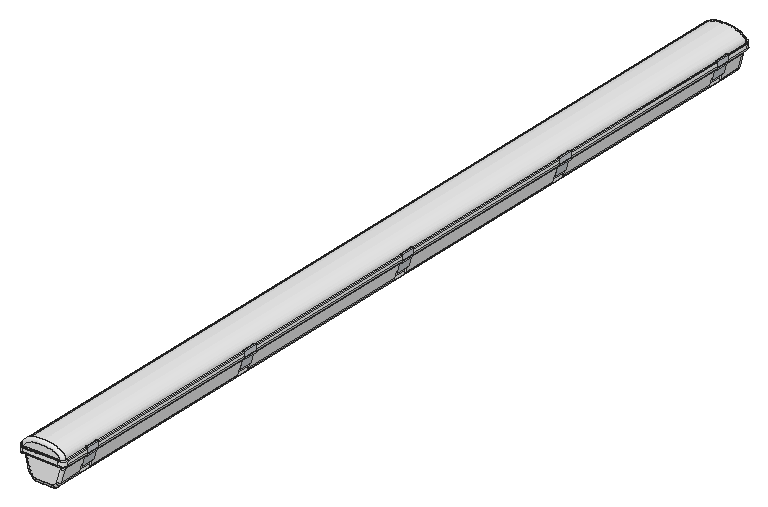
Revit family "0067957 Sylvania Lighting Fixture START Waterproof Single 1500 IP65 MW 4000lm 840", category Lighting Fixtures, host Face, Revit 2016
Family settings
  Host = Face
  Part Type = Normal
  Round Connector Dimension = Use Diameter
  OmniClass Number = 23.80.70.11.14
  OmniClass Title = General Luminaries, Directional
  Cut with Voids When Loaded = No
  Light Source = Yes
  Shared = No
  Room Calculation Point = No
Parameters (values of type "0067957 ST WTRPRF S 1500 IP65 MW 4000LM 840")
  Width = 84 mm
  Weight = "kg"
  Wattage Comments = "n/a"
  Wattage = 36 W
  WarrantyStartDate [instance] = "n/a"
  WarrantyGuarantorParts = "n/a"
  WarrantyDurationUnit = "n/a"
  WarrantyDurationParts = "n/a"
  WarrantyDescription = "n/a"
  built-in parameter 1150110 = 1 (stored number, unit not read)
  Voltage = 0 V
  URL = "http://www.sylvania-lighting.com"
  TypeName = "START Waterproof Single 1500 IP65 MW 4000lm 840"
  Type Image = <None>
  Type Comments = "n/a"
  built-in parameter 1114217 = 1 (stored number, unit not read)
  Tilt Angle = -90.00°
  built-in parameter 1150109 = 1 (stored number, unit not read)
  built-in parameter 1150134 = 12
  built-in parameter 1150113 = 1 (stored number, unit not read)
  SerialNumber [instance] = "n/a"
  ReflectorMaterial = none
  PowerFactor = 0
  PowerConsumption = "36 W"
  Photometric Web File = "0067957.ies"
  NominalWidth = 0 mm
  NominalLength = 1578 mm
  NominalHeight = 75 mm
  Name = "START Waterproof Single 1500 IP65 MW 4000lm 840"
  ModelReference = "START Waterproof Single 1500 IP65 MW 4000lm 840"
  ModelNumber = "0067957"
  Model = "START Waterproof Single 1500 IP65 MW 4000lm 840"
  Material = "polycarbonate housing, polycarbonate diffuser"
  ManufacturerName = "Feilo Sylvania"
  Manufacturer = "Feilo Sylvania"
  LuminousEfficacy = "36 lm/W"
  built-in parameter 1150105 = 103.13 (stored number, unit not read)
  Lumens = 1296 lm
  LuminaireType = ""
  built-in parameter 1150115 = 1 (stored number, unit not read)
  LightOutputRatio = "n/a"
  built-in parameter 1150137 = (empty or 0)
  built-in parameter 1150139 = (empty or 0)
  Length = 1572 mm
  LampsType = Lamp  # "LED"
  LampNominalLuminous = "3950 lm"
  LampMacAdamStep = "n/a"
  LampColourTemperature = "4000 K"
  LampColourRenderingIndex = "80"
  built-in parameter 1150112 = 1 (stored number, unit not read)
  built-in parameter 1150114 = 1 (stored number, unit not read)
  Lamp = "LED"
  Keynote = "16500"
  InstallationDate [instance] = "n/a"
  InputVoltage = "n/a"
  InputNominalFrequency = "n/a"
  built-in parameter 1150132 = (empty or 0)
  built-in parameter 1150102 = (empty or 0)
  built-in parameter 1150107 = 4000 (stored number, unit not read)
  built-in parameter 1150138 = (empty or 0)
  IngressProtection = "IP65"
  ImpactProtectionIndex = "IK08"
  built-in parameter 1150106 = 1.0313 (stored number, unit not read)
  IfcExportType = "IfcLightFixtureType"
  IfcExportAs = "IfcLightFixtureType"
  ExpectedLife = 50000
  Emit from Rectangle Width = Width - 20 mm  # 64 mm
  Emit from Rectangle Length = Length - 20 mm  # 1552 mm
  Emit Shape Visible in Rendering = no
  ElectricShockClassification = "Class I"
  built-in parameter 1150104 = 3.3445 (stored number, unit not read)
  DurationUnit = "hours"
  DocumentationLiterature = "http://www.sylvania-lighting.com/product/en-int/products/0067957"
  DimmingControlOptions = "n/a"
  Dimming Lamp Color Temperature Shift = <None>
  DiffuserMaterial = Diffuser-Sylvania-Transparent
  Description = ""
  Default Elevation = 1219.2 mm
  CreatedOn = "11/27/2018"
  CreatedBy = "@sylvania-lighting.com"
  Cost = 0
  Color Filter = 16777215
  built-in parameter 1114216 [instance] = (empty or 0)
  ClassificationValue = "EF_70_80"
  ClassificationName = "Uniclass2015"
  BodyMaterial = Body-Sylvania-Gray
  BarCode [instance] = "n/a"
  built-in parameter 1114218 = 1 (stored number, unit not read)
  built-in parameter 1150133 = 10 (stored number, unit not read)
  AssetType = "Fixed"
  AssetIdentifier [instance] = "n/a"
  Assembly Code = "D5020200"
  Apparent Load = 36 VA
  AccessoryMaterial = Diffuser-Sylvania-Glow
Reference planes
  plane 1 "Center (Front/Back)": y = 0
  plane 2: z = 0
  plane 3 "Center (Left/Right)": x = 0
  plane 4: z = 54
  plane 5: x = -14.7
  plane 6: x = -21.8
  plane 7: x = -26.6
  plane 8: x = -29.2
  plane 9: z = 3
  plane 10: z = 7.8
  plane 11: z = 12.3
  plane 12: z = 36.6
  plane 13: z = 42.8
  plane 14: x = -38.1
  plane 15: z = 46.2
  plane 16: x = -42
  plane 17: y = 786
  plane 18: y = -786
  plane 19: x = 14.7
  plane 20: x = 21.8
  plane 21: x = 26.6
  plane 22: x = 29.2
  plane 23: x = 38.1
  plane 24: x = 42
  plane 25: y = 778.4
  plane 26: y = -778.4
  plane 27: y = -774.7
  plane 28: y = 774.7
  plane 29: z = 74
  plane 30: x = -38.5
  plane 31: x = 38.5
  plane 32: z = 55.2
  plane 33: y = -782.5
  plane 34: y = 782.5
  plane 35: x = -24.5
  plane 36: x = 24.5
  plane 37: x = -35.7
  plane 38: x = 35.7
  plane 39: z = 50.2
  plane 40: z = 24.6
  plane 41: y = -720
  plane 42: y = -734
  plane 43: y = -706
  plane 44: y = 720
  plane 45: y = -720
  plane 46: y = -734
  plane 47: y = -706
  plane 48: y = 720
  plane 49: y = 706
  plane 50: y = 734
  plane 51: y = -360
  plane 52: y = -374
  plane 53: y = -346
  plane 54: y = 0
  plane 55: y = -14
  plane 56: y = 14
  plane 57: y = 360
  plane 58: y = 346
  plane 59: y = 374
Forms (mm)
  Sweep 1, solid, material "Body-Sylvania-Gray" <- "BodyMaterial", detail levels medium+fine
    path origin (1223.4, -4572, 54) x (0, -1, 0) y (1, 0, 0)
      loop
        arc (-3796, -1265.4) -> (-3788.929, -1262.471) -> (-3786, -1255.4) r 10
        line (-3786, -1255.4) -> (-3786, -1191.4)
        arc (-3786, -1191.4) -> (-3788.929, -1184.329) -> (-3796, -1181.4) r 10
        line (-3796, -1181.4) -> (-5348, -1181.4)
        arc (-5348, -1181.4) -> (-5355.071, -1184.329) -> (-5358, -1191.4) r 10
        line (-5358, -1191.4) -> (-5358, -1255.4)
        arc (-5358, -1255.4) -> (-5355.071, -1262.471) -> (-5348, -1265.4) r 10
        line (-5348, -1265.4) -> (-3796, -1265.4)
    profile origin (-42, 0, 54) x (-1, 0, 0) y (0, 0, 1)
      loop
        line (0, 0) -> (-1, 0) -> (-1, -7.726)
        arc (-1, -7.726) -> (-1.994, -9.498) -> (-3.9, -10.2) r 2.937
        line (-3.9, -10.2) -> (-8.571, -10.2) -> (-8.571, -11.2) -> (-3.9, -11.2)
        arc (-3.9, -11.2) -> (-1.313, -10.231) -> (0, -7.8) r 3.937
        line (0, -7.8) -> (0, 0)
  Sweep 2, solid, material "Body-Sylvania-Gray" <- "BodyMaterial", detail levels medium+fine
    path origin (0, 0, 0) x (1, 0, 0) y (0, 0, 1)
      loop
        line (35.7, 42.8) -> (35.7, 36.6) -> (29.203, 12.31)
        arc (29.203, 12.31) -> (28.199, 9.884) -> (26.6, 7.8) r 10.052
        line (26.6, 7.8) -> (21.8, 3)
        arc (21.8, 3) -> (18.554, 0.781) -> (14.7, 0) r 9.902
        line (14.7, 0) -> (0, 0) -> (-14.7, 0)
        arc (-14.7, 0) -> (-18.554, 0.781) -> (-21.8, 3) r 9.902
        line (-21.8, 3) -> (-26.6, 7.8)
        arc (-26.6, 7.8) -> (-28.199, 9.884) -> (-29.203, 12.31) r 10.052
        line (-29.203, 12.31) -> (-35.7, 36.6) -> (-35.7, 42.8)
    profile origin (0, 0, 0) x (0, 0, -1) y (0, -1, 0)
      loop
        arc (0, 773.4) -> (-1.464, 776.936) -> (-5, 778.4) r 5
        line (-5, 778.4) -> (-7.8, 778.4) -> (-7.8, -778.4) -> (-5, -778.4)
        arc (-5, -778.4) -> (-1.464, -776.936) -> (0, -773.4) r 5
        line (0, -773.4) -> (0, 773.4)
  Extrusion 3, solid, material "Body-Sylvania-Gray" <- "BodyMaterial", detail levels medium+fine
    sketch origin (1524, 778.4, 1219.2) x (1, 0, 0) y (0, 0, 1)
      loop
        arc (-1545.668, -1204.874) -> (-1545.443, -1205.418) -> (-1545.085, -1205.885) r 2.252
        line (-1545.085, -1205.885) -> (-1540.231, -1210.738)
        arc (-1540.231, -1210.738) -> (-1539.534, -1211.227) -> (-1538.7, -1211.4) r 2.102
        line (-1538.7, -1211.4) -> (-1509.3, -1211.4)
        arc (-1509.3, -1211.4) -> (-1508.466, -1211.227) -> (-1507.769, -1210.738) r 2.102
        line (-1507.769, -1210.738) -> (-1502.915, -1205.885)
        arc (-1502.915, -1205.885) -> (-1502.557, -1205.418) -> (-1502.332, -1204.874) r 2.252
        line (-1502.332, -1204.874) -> (-1496.1, -1181.575) -> (-1496.1, -1176.4) -> (-1551.9, -1176.4) -> (-1551.9, -1181.575) -> (-1545.668, -1204.874)
    from 0 to 1556.8
  Sweep 4, solid, material "Diffuser-Sylvania-Transparent" <- "DiffuserMaterial", detail levels medium+fine
    path origin (0, 0, 0) x (1, 0, 0) y (0, 0, 1)
      loop
        spline (-38.5, 55.2) -> (-37.188, 60.066) -> (-33.342, 64.6) -> (-27.224, 68.494) -> (-19.25, 71.481) -> (-9.965, 73.359) -> (0, 74) -> (9.965, 73.359) -> (19.25, 71.481) -> (27.224, 68.494) -> (33.342, 64.6) -> (37.188, 60.066) -> (38.5, 55.2)
    profile origin (38.5, 0, 55.2) x (0, -1, 0) y (1, 0, 0)
      loop
        arc (782.5, -5.5) -> (780.889, -1.611) -> (777, 0) r 5.5
        line (777, 0) -> (-777, 0)
        arc (-777, 0) -> (-780.889, -1.611) -> (-782.5, -5.5) r 5.5
        line (-782.5, -5.5) -> (-782.5, -6.3) -> (-781.5, -6.3) -> (-781.5, -5.5)
        arc (-781.5, -5.5) -> (-780.182, -2.318) -> (-777, -1) r 4.5
        line (-777, -1) -> (777, -1)
        arc (777, -1) -> (780.182, -2.318) -> (781.5, -5.5) r 4.5
        line (781.5, -5.5) -> (781.5, -6.347) -> (782.5, -6.347) -> (782.5, -5.5)
  Extrusion 5, solid, material "Diffuser-Sylvania-Transparent" <- "DiffuserMaterial", detail levels medium+fine
    sketch origin (1524, -782.5, 1219.2) x (1, 0, 0) y (0, 0, 1)
      loop
        line (-1556.653, -1164) -> (-1491.347, -1164)
        spline (-1491.347, -1164) -> (-1491.939, -1161.945) -> (-1494.434, -1159.066) -> (-1499.342, -1155.96) -> (-1506.338, -1153.35) -> (-1514.799, -1151.648) -> (-1524, -1151.047) -> (-1533.201, -1151.648) -> (-1541.662, -1153.35) -> (-1548.658, -1155.96) -> (-1553.566, -1159.066) -> (-1556.061, -1161.945) -> (-1556.653, -1164)
    from 0 to -1
  Extrusion 6, solid, material "Diffuser-Sylvania-Transparent" <- "DiffuserMaterial", detail levels medium+fine
    sketch origin (1524, 782.5, 1219.2) x (1, 0, 0) y (0, 0, 1)
      loop
        spline (-1491.3, -1164) -> (-1491.898, -1161.922) -> (-1494.404, -1159.03) -> (-1499.322, -1155.918) -> (-1506.325, -1153.305) -> (-1514.793, -1151.602) -> (-1524, -1151) -> (-1533.207, -1151.602) -> (-1541.675, -1153.305) -> (-1548.678, -1155.918) -> (-1553.596, -1159.03) -> (-1556.102, -1161.922) -> (-1556.7, -1164)
        line (-1556.7, -1164) -> (-1491.3, -1164)
    from 0 to 1
  Extrusion 7, solid, material "Diffuser-Sylvania-Glow" <- "AccessoryMaterial", detail levels fine
    sketch origin (0, 0, 0) x (1, 0, 0) y (0, 0, 1)
      loop
        circle (0, 50.2) r 8
    from -774.7 to 774.7
  Extrusion 8, void
    sketch origin (0, -720, 2343.807) x (0, 0, -1) y (-1, 0, 0)
      loop
        line (2340.807, -24.5) -> (2331.507, -24.5) -> (2319.207, -29.2) -> (2319.207, -35.7) -> (2340.807, -35.7) -> (2340.807, -24.5)
      loop
        line (2340.807, 24.5) -> (2340.807, 35.7) -> (2319.207, 35.7) -> (2319.207, 29.2) -> (2331.507, 24.5) -> (2340.807, 24.5)
    from 14 to -14
  Extrusion 9, void, not visible
    sketch origin (0, -720, 2343.807) x (0, 0, -1) y (-1, 0, 0)
      loop
        line (2340.807, -24.5) -> (2331.507, -24.5) -> (2319.207, -29.2) -> (2319.207, -35.7) -> (2340.807, -35.7) -> (2340.807, -24.5)
      loop
        line (2340.807, 24.5) -> (2340.807, 35.7) -> (2319.207, 35.7) -> (2319.207, 29.2) -> (2331.507, 24.5) -> (2340.807, 24.5)
    from 14 to -14
  Extrusion 10, void
    sketch origin (0, 720, 2343.807) x (0, 0, -1) y (-1, 0, 0)
      loop
        line (2340.807, -24.5) -> (2331.507, -24.5) -> (2319.207, -29.2) -> (2319.207, -35.7) -> (2340.807, -35.7) -> (2340.807, -24.5)
      loop
        line (2340.807, 24.5) -> (2340.807, 35.7) -> (2319.207, 35.7) -> (2319.207, 29.2) -> (2331.507, 24.5) -> (2340.807, 24.5)
    from 14 to -14
  Extrusion 11, void
    sketch origin (0, -360, 2343.807) x (0, 0, -1) y (-1, 0, 0)
      loop
        line (2340.807, -24.5) -> (2331.507, -24.5) -> (2319.207, -29.2) -> (2319.207, -35.7) -> (2340.807, -35.7) -> (2340.807, -24.5)
      loop
        line (2340.807, 24.5) -> (2340.807, 35.7) -> (2319.207, 35.7) -> (2319.207, 29.2) -> (2331.507, 24.5) -> (2340.807, 24.5)
    from 14 to -14
  Extrusion 12, void
    sketch origin (0, 0, 2343.807) x (0, 0, -1) y (-1, 0, 0)
      loop
        line (2340.807, -24.5) -> (2331.507, -24.5) -> (2319.207, -29.2) -> (2319.207, -35.7) -> (2340.807, -35.7) -> (2340.807, -24.5)
      loop
        line (2340.807, 24.5) -> (2340.807, 35.7) -> (2319.207, 35.7) -> (2319.207, 29.2) -> (2331.507, 24.5) -> (2340.807, 24.5)
    from 14 to -14
  Extrusion 13, void
    sketch origin (0, 360, 2343.807) x (0, 0, -1) y (-1, 0, 0)
      loop
        line (2340.807, -24.5) -> (2331.507, -24.5) -> (2319.207, -29.2) -> (2319.207, -35.7) -> (2340.807, -35.7) -> (2340.807, -24.5)
      loop
        line (2340.807, 24.5) -> (2340.807, 35.7) -> (2319.207, 35.7) -> (2319.207, 29.2) -> (2331.507, 24.5) -> (2340.807, 24.5)
    from 14 to -14
  Extrusion 14, solid, material "Diffuser-Sylvania-Transparent" <- "DiffuserMaterial", detail levels medium+fine
    sketch origin (1223.4, -4572, 54) x (0, -1, 0) y (-1, 0, 0)
      loop
        arc (-5348, 1265.4) -> (-5355.071, 1262.471) -> (-5358, 1255.4) r 10
        line (-5358, 1255.4) -> (-5358, 1191.4)
        arc (-5358, 1191.4) -> (-5355.071, 1184.329) -> (-5348, 1181.4) r 10
        line (-5348, 1181.4) -> (-3796, 1181.4)
        arc (-3796, 1181.4) -> (-3788.929, 1184.329) -> (-3786, 1191.4) r 10
        line (-3786, 1191.4) -> (-3786, 1255.4)
        arc (-3786, 1255.4) -> (-3788.929, 1262.471) -> (-3796, 1265.4) r 10
        line (-3796, 1265.4) -> (-5348, 1265.4)
      loop
        arc (-5354.5, 1190.394) -> (-5352.887, 1186.509) -> (-5349, 1184.9) r 5.5
        line (-5349, 1184.9) -> (-3795, 1184.9)
        arc (-3795, 1184.9) -> (-3791.113, 1186.509) -> (-3789.5, 1190.394) r 5.5
        line (-3789.5, 1190.394) -> (-3789.5, 1256.406)
        arc (-3789.5, 1256.406) -> (-3791.113, 1260.291) -> (-3795, 1261.9) r 5.5
        line (-3795, 1261.9) -> (-5349, 1261.9)
        arc (-5349, 1261.9) -> (-5352.887, 1260.291) -> (-5354.5, 1256.406) r 5.5
        line (-5354.5, 1256.406) -> (-5354.5, 1190.394)
    from 0 to -1.2
  Extrusion 15, solid, material "Body-Sylvania-Gray" <- "BodyMaterial", detail levels coarse
    sketch origin (0, 0, 0) x (1, 0, 0) y (0, 0, 1)
      loop
        line (-42, 55.2) -> (-42, 42.8) -> (-26.6, 0) -> (26.6, 0) -> (42, 42.8) -> (42, 55.2) -> (-42, 55.2)
    from -786 to 786
  Extrusion 16, solid, material "Diffuser-Sylvania-Transparent" <- "DiffuserMaterial", detail levels coarse
    sketch origin (0, 0, 0) x (1, 0, 0) y (0, 0, 1)
      loop
        line (-38.5, 55.2) -> (38.5, 55.2)
        arc (38.5, 55.2) -> (0, 74) -> (-38.5, 55.2) r 48.822
    from -778.4 to 778.4
Cuts and joins
  Extrusion 8, Extrusion 10, Extrusion 11, Extrusion 12, Extrusion 13 cuts Sweep 2
  Extrusion 8, Extrusion 10, Extrusion 11, Extrusion 12, Extrusion 13 cuts Extrusion 3
  joined: Sweep 2, Extrusion 3
  joined: Sweep 4, Extrusion 5, Extrusion 6, Extrusion 14
Dimensions and locks
  locked: plane 4 to plane 2 at 54
  plane 5 to plane 6 to plane 7 to plane 8 to plane 14 to plane 16 = 7.1 mm locked, 4.8 mm locked, 2.6 mm locked, 8.9 mm locked, 3.9 mm locked
  plane 4 to plane 15 to plane 13 to plane 12 to plane 11 to plane 10 to plane 9 = 7.8 mm locked, 3.4 mm, 6.2 mm locked, 24.3 mm locked, 4.5 mm locked, 4.8 mm locked
  equal spacing: plane 18, plane 1 "Center (Front/Back)", plane 17
  "Length": plane 18 to plane 17
  plane 19 to plane 20 to plane 21 to plane 22 to plane 23 to plane 24 = 7.1 mm locked, 4.8 mm locked, 2.6 mm locked, 8.9 mm, 3.9 mm
  equal spacing: plane 24, plane 3 "Center (Left/Right)", plane 16
  "Width": plane 24 to plane 16
  equal spacing: plane 27, plane 1 "Center (Front/Back)", plane 28
  locked: plane 26 to plane 27 at 3.7
  locked: Sweep 1 sketch curve to profile plane at 1
  locked: Sweep 1 sketch curve to plane 13 at 1
  locked: Sweep 1 sketch curve to plane 13 at 3.937  (x2)
  locked: Sweep 1 sketch curve to profile plane at 3.9  (x2)
  plane 29 to plane 4 = 20 mm
  equal spacing: plane 31, plane 3 "Center (Left/Right)", plane 30
  locked: plane 30 to plane 16 at 3.5
  locked: plane 32 to plane 4 at 1.2
  equal spacing: plane 33, plane 1 "Center (Front/Back)", plane 34
  equal spacing: plane 36, plane 3 "Center (Left/Right)", plane 35
  locked: plane 34 to plane 17 at 3.5
  equal spacing: plane 38, plane 3 "Center (Left/Right)", plane 37
  locked: plane 37 to plane 16 at 6.3
  equal spacing: plane 25, plane 1 "Center (Front/Back)", plane 26
  locked: plane 17 to plane 25 at 7.6
  locked: Sweep 2 sketch curve to plane 2 at 5  (x2)
  locked: Sweep 2 sketch curve to plane 26 at 5
  locked: plane 25 to Sweep 2 sketch curve at 5
  locked: Sweep 4 sketch curve to plane 31 at 5.5  (x2)
  locked: Sweep 4 sketch curve to plane 34 at 5.5
  plane 33 to Sweep 4 sketch curve = 5.5 mm
  locked: plane 34 to Sweep 4 sketch curve at 1
  locked: Sweep 4 sketch curve to plane 31 at 1
  locked: Sweep 4 sketch curve to Sweep 4 sketch curve at 1
  locked: Sweep 4 sketch curve to plane 31 at 6.347
  locked: Sweep 4 sketch curve to plane 31 at 6.3
  locked: plane 40 to plane 2 at 24.6
  locked: plane 6 to plane 35 at 2.7
  locked: plane 1 "Center (Front/Back)" to plane 41 at 720
  plane 43 to plane 41 to plane 42 = 14 mm locked, 14 mm locked
  locked: plane 44 to plane 1 "Center (Front/Back)" at 720
  plane 47 to plane 45 to plane 46 = 14 mm locked, 14 mm locked
  plane 50 to plane 48 to plane 49 = 14 mm locked, 14 mm locked  (x2)
  equal spacing: group 1, group 6, group 7, group 8, group 5  (x3)
  plane 53 to plane 51 to plane 52 = 14 mm locked, 14 mm locked  (x2)
  plane 56 to plane 54 to plane 55 = 14 mm locked, 14 mm locked  (x2)
  plane 59 to plane 57 to plane 58 = 14 mm locked, 14 mm locked  (x2)
  plane 48 to plane 57 to plane 1 "Center (Front/Back)" to plane 51 to plane 41 = 360 mm locked, 360 mm locked, 360 mm locked, 360 mm locked
  aligned and locked: plane 2 to host face
  aligned and locked: level to host face
  aligned and locked: plane 16 to Sweep 1 sketch curve
  aligned and locked: Sweep 1 sketch curve to plane 24
  aligned and locked: plane 18 to Sweep 1 sketch curve
  aligned and locked: Sweep 1 sketch curve to plane 13
  aligned and locked: profile plane to Sweep 1 sketch curve
  aligned and locked: plane 3 "Center (Left/Right)" to Sweep 2 sketch curve
  aligned and locked: plane 9 to Sweep 2 sketch curve
  aligned and locked: plane 10 to Sweep 2 sketch curve
  aligned and locked: plane 37 to Sweep 2 sketch curve
  aligned and locked: plane 12 to Sweep 2 sketch curve
  aligned and locked: Sweep 2 sketch curve to level
  aligned and locked: plane 21 to Sweep 2 sketch curve
  aligned and locked: plane 38 to Sweep 2 sketch curve
  aligned and locked: profile plane to Sweep 2 sketch curve
  aligned and locked: plane 25 to Sweep 2 sketch curve
  aligned and locked: Sweep 2 sketch curve to plane 10
  aligned and locked: Extrusion 3 sketch curve to Sweep 2  (x7)
  aligned and locked: Sweep 2 to Extrusion 3 sketch curve
  aligned and locked: Extrusion 3 to plane 25
  aligned and locked: plane 26 to Extrusion 3
  aligned and locked: plane 32 to Sweep 4 sketch curve
  aligned and locked: plane 33 to Sweep 4 sketch curve
  aligned and locked: Sweep 4 to Extrusion 5
  aligned and locked: plane 33 to Extrusion 5
  aligned and locked: plane 39 to Extrusion 7 sketch curve
  aligned and locked: plane 27 to Extrusion 7
  aligned and locked: Extrusion 7 to plane 28
  aligned and locked: Extrusion 6 sketch curve to Sweep 4
  aligned and locked: Extrusion 5 sketch curve to Sweep 4
  aligned and locked: Extrusion 8 to plane 43
  aligned and locked: plane 42 to Extrusion 8
  aligned and locked: Extrusion 10 to plane 50
  aligned and locked: plane 49 to Extrusion 10
  aligned and locked: Extrusion 11 to plane 53
  aligned and locked: plane 52 to Extrusion 11
  aligned and locked: Extrusion 12 to plane 56
  aligned and locked: plane 55 to Extrusion 12
  aligned and locked: Extrusion 13 to plane 59
  aligned and locked: plane 58 to Extrusion 13
  aligned and locked: plane 3 "Center (Left/Right)" to Extrusion 7 sketch curve
  aligned and locked: Extrusion 14 sketch curve to Sweep 1  (x4)
  aligned and locked: Extrusion 14 to plane 32
  aligned and locked: plane 4 to Extrusion 14
  aligned and locked: plane 48 to nested 1
  aligned and locked: plane 57 to nested 2
  aligned and locked: plane 54 to nested 3
  aligned and locked: nested 4 to plane 51
  aligned and locked: nested 5 to plane 41
  aligned and locked: plane 41 to nested 10
  aligned and locked: plane 51 to nested 9
  aligned and locked: plane 54 to nested 8
  aligned and locked: plane 57 to nested 7
  aligned and locked: plane 48 to nested 6
  aligned and locked: plane 1 "Center (Front/Back)" to imposter light
  aligned and locked: plane 3 "Center (Left/Right)" to imposter light
  aligned and locked: imposter light to plane 29
  aligned and locked: plane 7 to Extrusion 15 sketch curve
  aligned and locked: plane 2 to Extrusion 15 sketch curve
  aligned and locked: Extrusion 15 sketch curve to nested 6
  aligned and locked: Extrusion 15 sketch curve to nested 1
  aligned and locked: plane 18 to Extrusion 15
  aligned and locked: Extrusion 15 to plane 17
  aligned and locked: Extrusion 15 to Sweep 1  (x2)
  aligned and locked: plane 30 to Extrusion 16 sketch curve
  aligned and locked: plane 31 to Extrusion 16 sketch curve
  aligned and locked: Extrusion 16 sketch curve to cut or joined group of Sweep 4, Extrusion 5, Extrusion 6, Extrusion 14
  aligned and locked: Extrusion 16 to plane 25
  aligned and locked: plane 26 to Extrusion 16
Automatic sketch dimensions
  host sketch curve to host sketch curve = 2438.4 mm  (x2)
  plane 17 to Sweep 1 sketch curve = 0 mm
  Sweep 1 sketch curve to plane 28 = 1.3 mm
  Sweep 1 sketch curve to plane 7 = 5.4 mm
  plane 27 to Sweep 1 sketch curve = 1.3 mm  (x2)
  Sweep 1 sketch curve to Sweep 1 sketch curve = 4.671 mm
  Sweep 1 sketch curve to plane 4 = 0 mm
  Sweep 2 sketch curve to plane 7 = 0 mm
  Sweep 2 sketch curve to plane 6 = 0 mm
  Sweep 2 sketch curve to plane 5 = 0 mm
  plane 19 to Sweep 2 sketch curve = 0 mm
  Sweep 2 sketch curve to plane 9 = 0 mm
  plane 20 to Sweep 2 sketch curve = 0 mm
  Sweep 2 sketch curve to plane 12 = 0 mm
  Sweep 2 sketch curve to plane 10 = 0 mm
  Sweep 2 sketch curve to plane 13 = 0 mm  (x2)
  Sweep 2 sketch curve to plane 8 = 0.003 mm
  plane 6 to Sweep 2 sketch curve = 2.308 mm
  plane 20 to Sweep 2 sketch curve = 2.308 mm
  Sweep 2 sketch curve to plane 22 = 0.003 mm
  Sweep 2 sketch curve to plane 11 = 0.01 mm  (x2)
  Extrusion 3 sketch curve to plane 5 = 0 mm
  plane 19 to Extrusion 3 sketch curve = 0 mm
  plane 6 to Extrusion 3 sketch curve = 0.132 mm
  plane 6 to Extrusion 3 sketch curve = 0.715 mm
  Extrusion 3 sketch curve to Extrusion 3 sketch curve = 1.592 mm
  Extrusion 3 sketch curve to plane 10 = 0.662 mm  (x2)
  plane 20 to Extrusion 3 sketch curve = 2.308 mm
  plane 20 to Extrusion 3 sketch curve = 0.715 mm
  plane 20 to Extrusion 3 sketch curve = 0.132 mm
  Sweep 4 sketch curve to plane 30 = 0 mm
  Sweep 4 sketch curve to plane 3 "Center (Left/Right)" = 0 mm
  Sweep 4 sketch curve to Sweep 4 sketch curve = 0 mm  (x2)
  plane 37 to Extrusion 6 sketch curve = 3 mm
  Extrusion 6 sketch curve to plane 38 = 3 mm
  plane 37 to Extrusion 5 sketch curve = 3.047 mm
  Extrusion 5 sketch curve to plane 38 = 3.047 mm
  Extrusion 8 sketch curve to Extrusion 8 sketch curve = 0 mm
  Extrusion 8 sketch curve to Extrusion 8 sketch curve = 12.3 mm  (x2)
  Extrusion 8 sketch curve to Extrusion 8 sketch curve = 9.3 mm  (x2)
  Extrusion 8 sketch curve to Extrusion 8 sketch curve = 6.5 mm  (x2)
  Extrusion 8 sketch curve to Extrusion 8 sketch curve = 4.7 mm  (x2)
  Extrusion 8 sketch curve to Extrusion 8 sketch curve = 49 mm
  Extrusion 9 sketch curve to Extrusion 9 sketch curve = 0 mm
  Extrusion 9 sketch curve to Extrusion 9 sketch curve = 12.3 mm  (x2)
  Extrusion 9 sketch curve to Extrusion 9 sketch curve = 9.3 mm  (x2)
  Extrusion 9 sketch curve to Extrusion 9 sketch curve = 6.5 mm  (x2)
  Extrusion 9 sketch curve to Extrusion 9 sketch curve = 4.7 mm  (x2)
  Extrusion 9 sketch curve to Extrusion 9 sketch curve = 49 mm
  Extrusion 10 sketch curve to Extrusion 10 sketch curve = 0 mm
  Extrusion 10 sketch curve to Extrusion 10 sketch curve = 12.3 mm  (x2)
  Extrusion 10 sketch curve to Extrusion 10 sketch curve = 9.3 mm  (x2)
  Extrusion 10 sketch curve to Extrusion 10 sketch curve = 6.5 mm  (x2)
  Extrusion 10 sketch curve to Extrusion 10 sketch curve = 4.7 mm  (x2)
  Extrusion 10 sketch curve to Extrusion 10 sketch curve = 49 mm
  Extrusion 11 sketch curve to Extrusion 11 sketch curve = 0 mm
  Extrusion 11 sketch curve to Extrusion 11 sketch curve = 12.3 mm  (x2)
  Extrusion 11 sketch curve to Extrusion 11 sketch curve = 9.3 mm  (x2)
  Extrusion 11 sketch curve to Extrusion 11 sketch curve = 6.5 mm  (x2)
  Extrusion 11 sketch curve to Extrusion 11 sketch curve = 4.7 mm  (x2)
  Extrusion 11 sketch curve to Extrusion 11 sketch curve = 49 mm
  Extrusion 12 sketch curve to Extrusion 12 sketch curve = 0 mm
  Extrusion 12 sketch curve to Extrusion 12 sketch curve = 12.3 mm  (x2)
  Extrusion 12 sketch curve to Extrusion 12 sketch curve = 9.3 mm  (x2)
  Extrusion 12 sketch curve to Extrusion 12 sketch curve = 6.5 mm  (x2)
  Extrusion 12 sketch curve to Extrusion 12 sketch curve = 4.7 mm  (x2)
  Extrusion 12 sketch curve to Extrusion 12 sketch curve = 49 mm
  Extrusion 13 sketch curve to Extrusion 13 sketch curve = 0 mm
  Extrusion 13 sketch curve to Extrusion 13 sketch curve = 12.3 mm  (x2)
  Extrusion 13 sketch curve to Extrusion 13 sketch curve = 9.3 mm  (x2)
  Extrusion 13 sketch curve to Extrusion 13 sketch curve = 6.5 mm  (x2)
  Extrusion 13 sketch curve to Extrusion 13 sketch curve = 4.7 mm  (x2)
  Extrusion 13 sketch curve to Extrusion 13 sketch curve = 49 mm
  Extrusion 14 sketch curve to plane 34 = 0 mm
  plane 30 to Extrusion 14 sketch curve = 0 mm
  Extrusion 14 sketch curve to plane 31 = 0 mm
  plane 33 to Extrusion 14 sketch curve = 0 mm
  plane 25 to Extrusion 14 sketch curve = 1.4 mm  (x4)
  Extrusion 14 sketch curve to plane 26 = 1.4 mm  (x4)
  plane 37 to Extrusion 14 sketch curve = 2.694 mm  (x2)
  Extrusion 14 sketch curve to plane 38 = 2.694 mm  (x2)
  plane 21 to Extrusion 15 sketch curve = 0 mm
  Extrusion 15 sketch curve to plane 13 = 0 mm  (x2)
  Extrusion 15 sketch curve to plane 32 = 0 mm
  Extrusion 16 sketch curve to plane 40 = 0.578 mm
  radius of Extrusion 7 sketch curve = 8 mm
Nested families
  nested 1: "Clip" at (-29.2, 720, 24.6) x (-1, 0, 0) z (0, 0, 1), type "Clip", detail levels fine
  nested 2: "Clip" at (-29.2, 360, 24.6) x (-1, 0, 0) z (0, 0, 1), type "Clip", detail levels fine
  nested 3: "Clip" at (-29.2, 0, 24.6) x (-1, 0, 0) z (0, 0, 1), type "Clip", detail levels fine
  nested 4: "Clip" at (-29.2, -360, 24.6) x (-1, 0, 0) z (0, 0, 1), type "Clip", detail levels fine
  nested 5: "Clip" at (-29.2, -720, 24.6) x (-1, 0, 0) z (0, 0, 1), type "Clip", detail levels fine
  nested 6: "Clip" at (29.2, 720, 24.6), type "Clip", detail levels fine
  nested 7: "Clip" at (29.2, 360, 24.6), type "Clip", detail levels fine
  nested 8: "Clip" at (29.2, 0, 24.6), type "Clip", detail levels fine
  nested 9: "Clip" at (29.2, -360, 24.6), type "Clip", detail levels fine
  nested 10: "Clip" at (29.2, -720, 24.6), type "Clip", detail levels fine
Connectors
  electrical at (0, 0, 0), driven by "Apparent Load"
    settings: index 1, voltage 230 V, apparent load 36 VA, apparent load phase1 0 VA, apparent load phase2 0 VA, apparent load phase3 0 VA, power factor 0, load classification "Lighting", number of poles 1, system type 30, power factor state 1, is connector primary yes, connector utility no, sub classification motor no, connector description ""
Definition of nested family "Clip"
  Parameters (values of type "Clip")
    URL = "http://www.feilosylvania.com"
    Type Comments = "n/a"
    Model = "n/a"
    Manufacturer = "Feilo Sylvania"
    Keynote = "n/a"
    Description = "n/a"
    Default Elevation = 1219.2 mm
    Cost = 0
    BodyMaterial = none
    Assembly Code = "n/a"
  Reference planes
    plane 1 "Center (Front/Back)": y = 0
    plane 2: z = 0
    plane 3 "Center (Left/Right)": x = 0
    plane 4: x = 3.3
    plane 5: x = 6.5
    plane 6: x = 8.9
    plane 7: x = 12.8
    plane 8: z = 12
    plane 9: z = 18.2
    plane 10: z = 21.6
    plane 11: z = 30.6
    plane 12: x = 9.3
    plane 13: z = 19.2
    plane 14: z = 16.2
    plane 15: x = 10.1
    plane 16: y = 12
    plane 17: y = -12
  Forms (mm)
    Extrusion 1, solid
      sketch origin (-0.8, 0, 0) x (1, 0, 0) y (0, 1, 0)
        loop
          line (-1219.2, 1219.2) -> (-1219.2, -1219.2) -> (1219.2, -1219.2) -> (1219.2, 1219.2) -> (-1219.2, 1219.2)
      from 0 to -304.8
    Extrusion 2, solid
      sketch origin (0, 0, 0) x (1, 0, 0) y (0, 0, 1)
        loop
          line (8.9, 16.2) -> (4.58, 0) -> (0, 0) -> (0, -0.8) -> (5.195, -0.8) -> (9.603, 15.731) -> (13.6, 18.806) -> (13.6, 30.6)
          arc (13.6, 30.6) -> (11.45, 32.75) -> (9.3, 30.6) r 2.15
          line (9.3, 30.6) -> (10.1, 30.6)
          arc (10.1, 30.6) -> (11.45, 31.95) -> (12.8, 30.6) r 1.35
          line (12.8, 30.6) -> (12.8, 19.2) -> (8.9, 16.2)
      from -12 to 12
  Lines and regions (mm)
    reference lines
      curve 1: line (3.3, 0, 0) -> (6.5, 0, 12)
      curve 2: arc (8.9, 0, 18.2) -> (11.488, 0, 19.169) -> (12.8, 0, 21.6) r 3.934
  Dimensions and locks
    plane 7 to plane 6 to plane 5 to plane 4 to plane 3 "Center (Left/Right)" = 3.9 mm locked, 2.4 mm locked, 3.2 mm locked, 3.3 mm locked
    plane 11 to plane 10 to plane 9 to plane 8 to plane 2 = 9 mm locked, 3.4 mm locked, 6.2 mm locked, 12 mm locked
    locked: plane 7 to plane 12 at 3.5
    locked: plane 13 to plane 9 at 1
    locked: plane 9 to plane 14 at 2
    locked: plane 15 to plane 12 at 0.8
    locked: plane 2 to Extrusion 2 sketch curve at 0.8
    locked: Extrusion 2 sketch curve to Extrusion 2 sketch curve at 0.8  (x3)
    locked: plane 7 to Extrusion 2 sketch curve at 1.35
    equal spacing: plane 17, plane 1 "Center (Front/Back)", plane 16
    locked: plane 1 "Center (Front/Back)" to plane 16 at 12
    aligned and locked: plane 2 to Extrusion 1
    aligned and locked: level to Extrusion 1
    aligned and locked: plane 4 to curve 1
    aligned and locked: plane 5 to curve 1
    aligned and locked: plane 6 to curve 2
    aligned and locked: plane 10 to curve 2
    aligned and locked: plane 14 to Extrusion 2 sketch curve
    aligned and locked: plane 13 to Extrusion 2 sketch curve
    aligned and locked: plane 7 to Extrusion 2 sketch curve
    aligned and locked: plane 3 "Center (Left/Right)" to Extrusion 2 sketch curve
    aligned and locked: Extrusion 2 sketch curve to level
    aligned and locked: Extrusion 2 sketch curve to plane 11
    aligned and locked: plane 11 to Extrusion 2 sketch curve
    aligned and locked: Extrusion 2 to plane 16
    aligned and locked: plane 17 to Extrusion 2
  Automatic sketch dimensions
    Extrusion 1 sketch curve to Extrusion 1 sketch curve = 2438.4 mm  (x2)
    curve 2 to plane 7 = 0 mm
    curve 1 to level = 0 mm
    curve 1 to plane 8 = 0 mm
    curve 2 to plane 9 = 0 mm
    plane 6 to curve 2 = 0.002 mm
    Extrusion 2 sketch curve to Extrusion 2 sketch curve = 0 mm
    Extrusion 2 sketch curve to plane 6 = 0 mm
    plane 4 to Extrusion 2 sketch curve = 1.28 mm
